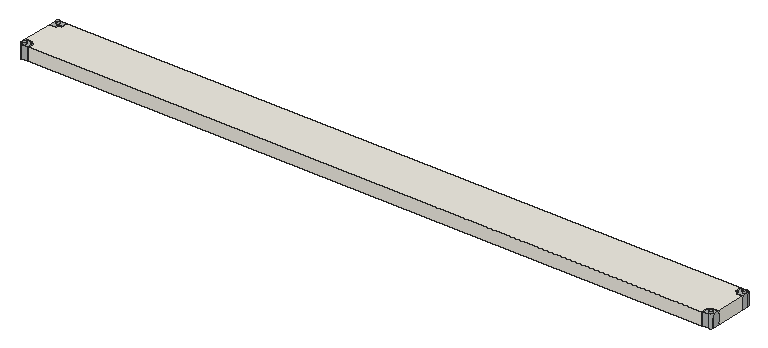
Revit family "HIGHTECH", category Осветительные приборы, Revit 2019 (continued)
Types (32, lengths in mm): name | Файл фотометрической сетки | built-in parameter 1150105 | Lumens | built-in parameter 1150106 | built-in parameter 1150142 | Wattage | Emit from Rectangle Width | Emit from Rectangle Length | Длина | Ширина | ADSK_Ток | ADSK_Полная мощность | ADSK_Обозначение | ADSK_Номинальная мощность | ADSK_Наименование | ADSK_Масса | ADSK_Код изделия
  Hightech-38/opal-sand 295х1195 (IP54, 4000К, белый) c БАП на 1 час | "Светильник HIGHTECH-38 OPAL-SAND-(295x1195).ies" | 302.39 (stored number, unit not read) | 3800 lm | 3.0239 (stored number, unit not read) | "IESNA:LM-63-1995\r\n[TEST] Протокол №334/16 от 03.11.2016г. Испытательная лаборатория Государственного предприятия \"ЦСОТ НАН Беларуси\"\r\n[MORE] FFFFFFFD255B12BA015C13F525FB5F2F2\r\n[DATA] 02.11.2016\r\n[MANUFAC] ЗАО \"Центрстройсвет\"\r\n[LUMCAT] Светильник HIGHTECH-38/OPAL-SAND-(295X1195)\r\n[LUMINAIRE] офисное освещение\r\n[LAMP] \r\nTILT=NONE\r\n1    -1.0   1.000 91 181 1 2   0.295   1.195   0.04\r\n1.0  1.0   37.90\r\n0.0 2.0 4.0 6.0 8.0 10.0 12.0 14.0 16.0 18.0 20.0 22.0 24.0 26.0 28.0 30.0 32.0 34.0 36.0 38.0 40.0 42.0 44.0 46.0 48.0 50.0 52.0 54.0 56.0 58.0 60.0 62.0 64.0 66.0 68.0 70.0 72.0 74.0 76.0 78.0 80.0 82.0 84.0 86.0 88.0 90.0 92.0 94.0 96.0 98.0 100.0 102.0 104.0 106.0 108.0 110.0 112.0 114.0 116.0 118.0 120.0 122.0 124.0 126.0 128.0 130.0 132.0 134.0 136.0 138.0 140.0 142.0 144.0 146.0 148.0 150.0 152.0 154.0 156.0 158.0 160.0 162.0 164.0 166.0 168.0 170.0 172.0 174.0 176.0 178.0 180.0 \r\n0.0 2.0 4.0 6.0 8.0 10.0 12.0 14.0 16.0 18.0 20.0 22.0 24.0 26.0 28.0 30.0 32.0 34.0 36.0 38.0 40.0 42.0 44.0 46.0 48.0 50.0 52.0 54.0 56.0 58.0 60.0 62.0 64.0 66.0 68.0 70.0 72.0 74.0 76.0 78.0 80.0 82.0 84.0 86.0 88.0 90.0 92.0 94.0 96.0 98.0 100.0 102.0 104.0 106.0 108.0 110.0 112.0 114.0 116.0 118.0 120.0 122.0 124.0 126.0 128.0 130.0 132.0 134.0 136.0 138.0 140.0 142.0 144.0 146.0 148.0 150.0 152.0 154.0 156.0 158.0 160.0 162.0 164.0 166.0 168.0 170.0 172.0 174.0 176.0 178.0 180.0 182.0 184.0 186.0 188.0 190.0 192.0 194.0 196.0 198.0 200.0 202.0 204.0 206.0 208.0 210.0 212.0 214.0 216.0 218.0 220.0 222.0 224.0 226.0 228.0 230.0 232.0 234.0 236.0 238.0 240.0 242.0 244.0 246.0 248.0 250.0 252.0 254.0 256.0 258.0 260.0 262.0 264.0 266.0 268.0 270.0 272.0 274.0 276.0 278.0 280.0 282.0 284.0 286.0 288.0 290.0 292.0 294.0 296.0 298.0 300.0 302.0 304.0 306.0 308.0 310.0 312.0 314.0 316.0 318.0 320.0 322.0 324.0 326.0 328.0 330.0 332.0 334.0 336.0 338.0 340.0 342.0 344.0 346.0 348.0 350.0 352.0 354.0 356.0 358.0 360.0 \r\n1417.637 1416.354 1411.816 1405.303 1395.733 1384.288 1370.276 1353.307 1334.658 1313.741 1290.456 1264.901 1237.669 1208.563 1177.582 1144.923 1111.476 1076.252 \r\n1039.646 1001.857 963.476 923.417 883.260 842.018 801.072 758.644 716.317 673.693 630.576 587.064 543.749 500.435 457.614 414.891 371.972 330.137 289.191 248.836 209.765 171.778 \r\n133.693 99.653 67.389 36.901 9.077 0.592 0.592 0.592 0.493 0.493 0.493 0.493 0.493 0.493 0.493 0.493 0.395 0.395 0.395 0.395 0.395 0.395 0.395 0.296 0.296 0.296 0.296 0.296 0.296 0.296 0.296 0.197 \r\n0.197 0.197 0.197 0.197 0.197 0.197 0.197 0.098 0.098 0.098 0.098 0.098 0.098 0.098 0.098 0.000 0.000 0.000 0.000 \r\n1417.637 1416.453 1411.914 1405.402 1395.930 1384.583 1370.671 1353.701 1335.053 1314.234 1290.850 1265.395 1238.261 1209.155 1178.075 1145.515 1112.067 1076.844 \r\n1040.239 1002.548 964.167 924.207 883.951 842.708 801.762 759.336 717.008 674.383 631.267 587.755 544.441 501.126 458.206 415.385 372.465 330.631 289.585 249.231 210.160 172.172 \r\n134.088 99.949 67.685 37.198 9.275 0.592 0.592 0.592 0.493 0.493 0.493 0.493 0.493 0.493 0.493 0.493 0.395 0.395 0.395 0.395 0.395 0.395 0.395 0.296 0.296 0.296 0.296 0.296 0.296 0.296 0.296 0.197 \r\n0.197 0.197 0.197 0.197 0.197 0.197 0.197 0.098 0.098 0.098 0.098 0.098 0.098 0.098 0.098 0.000 0.000 0.000 0.000 \r\n1417.637 1416.453 1412.013 1405.600 1396.226 1384.781 1370.968 1354.095 1335.448 1314.629 1291.344 1265.888 1238.754 1209.648 1178.667 1146.206 1112.758 1077.534 \r\n1040.929 1003.140 964.857 924.898 884.740 843.400 802.453 760.026 717.698 674.976 631.859 588.446 545.032 501.718 458.798 415.977 373.057 331.124 290.079 249.625 210.553 172.567 \r\n134.383 100.245 67.883 37.394 9.472 0.592 0.592 0.592 0.493 0.493 0.493 0.493 0.493 0.493 0.493 0.493 0.395 0.395 0.395 0.395 0.395 0.395 0.395 0.296 0.296 0.296 0.296 0.296 0.296 0.296 0.296 0.197 \r\n0.197 0.197 0.197 0.197 0.197 0.197 0.197 0.098 0.098 0.098 0.098 0.098 0.098 0.098 0.098 0.000 0.000 0.000 0.000 \r\n1417.637 1416.551 1412.111 1405.796 1396.423 1385.077 1371.264 1354.391 1335.842 1315.024 1291.837 1266.382 1239.248 1210.240 1179.259 1146.798 1113.350 1078.126 \r\n1041.620 1003.831 965.548 925.588 885.431 844.090 803.143 760.717 718.389 675.666 632.549 589.038 545.723 502.310 459.390 416.569 373.550 331.617 290.474 250.119 210.948 172.863 \r\n134.679 100.541 68.178 37.591 9.669 0.592 0.592 0.592 0.493 0.493 0.493 0.493 0.493 0.493 0.493 0.493 0.395 0.395 0.395 0.395 0.395 0.395 0.395 0.296 0.296 0.296 0.296 0.296 0.296 0.296 0.296 0.197 \r\n0.197 0.197 0.197 0.197 0.197 0.197 0.197 0.098 0.098 0.098 0.098 0.098 0.098 0.098 0.098 0.000 0.000 0.000 0.000 \r\n1417.637 1416.551 1412.309 1405.895 1396.621 1385.373 1371.559 1354.786 1336.237 1315.419 1292.232 1266.875 1239.742 1210.733 1179.851 1147.390 1113.942 1078.816 \r\n1042.310 1004.521 966.238 926.279 886.121 844.879 803.834 761.408 719.080 676.357 633.240 589.728 546.315 502.902 459.982 417.062 374.043 332.110 290.967 250.513 211.343 173.258 \r\n135.074 100.837 68.376 37.888 9.965 0.592 0.592 0.592 0.493 0.493 0.493 0.493 0.493 0.493 0.493 0.493 0.395 0.395 0.395 0.395 0.395 0.395 0.395 0.296 0.296 0.296 0.296 0.296 0.296 0.296 0.296 0.197 \r\n0.197 0.197 0.197 0.197 0.197 0.197 0.197 0.098 0.098 0.098 0.098 0.098 0.098 0.098 0.098 0.000 0.000 0.000 0.000 \r\n1417.637 1416.650 1412.407 1406.093 1396.917 1385.669 1371.954 1355.181 1336.632 1315.912 1292.725 1267.368 1240.334 1211.325 1180.443 1147.982 1114.633 1079.409 \r\n1042.903 1005.212 966.929 926.969 886.812 845.569 804.524 762.098 719.770 677.048 633.832 590.320 546.907 503.494 460.574 417.654 374.636 332.603 291.460 250.908 211.738 173.653 \r\n135.371 101.133 68.671 38.086 10.163 0.592 0.592 0.592 0.493 0.493 0.493 0.493 0.493 0.493 0.493 0.493 0.395 0.395 0.395 0.395 0.395 0.395 0.395 0.296 0.296 0.296 0.296 0.296 0.296 0.296 0.296 0.197 \r\n0.197 0.197 0.197 0.197 0.197 0.197 0.197 0.098 0.098 0.098 0.098 0.098 0.098 0.098 0.098 0.000 0.000 0.000 0.000 \r\n1417.637 1416.650 1412.506 1406.191 1397.114 1385.866 1372.250 1355.576 1337.027 1316.307 1293.218 1267.861 1240.827 1211.918 1181.035 1148.672 1115.225 1080.099 \r\n1043.593 1005.902 967.620 927.660 887.503 846.260 805.215 762.789 720.461 677.739 634.523 591.011 547.598 504.086 461.166 418.247 375.129 333.098 291.855 251.401 212.132 173.948 \r\n135.666 101.429 68.968 38.381 10.360 0.592 0.592 0.592 0.493 0.493 0.493 0.493 0.493 0.493 0.493 0.493 0.395 0.395 0.395 0.395 0.395 0.395 0.395 0.296 0.296 0.296 0.296 0.296 0.296 0.296 0.296 0.197 \r\n0.197 0.197 0.197 0.197 0.197 0.197 0.197 0.098 0.098 0.098 0.098 0.098 0.098 0.098 0.098 0.000 0.000 0.000 0.000 \r\n1417.637 1416.650 1412.604 1406.389 1397.311 1386.162 1372.546 1355.871 1337.421 1316.701 1293.613 1268.355 1241.320 1212.411 1181.627 1149.265 1115.816 1080.691 \r\n1044.284 1006.593 968.212 928.351 888.194 846.951 805.906 763.479 721.151 678.429 635.213 591.702 548.190 504.777 461.758 418.740 375.721 333.591 292.348 251.796 212.527 174.343 \r\n135.962 101.627 69.165 38.579 10.557 0.592 0.592 0.592 0.493 0.493 0.493 0.493 0.493 0.493 0.493 0.395 0.395 0.395 0.395 0.395 0.395 0.395 0.395 0.296 0.296 0.296 0.296 0.296 0.296 0.296 0.296 0.197 \r\n0.197 0.197 0.197 0.197 0.197 0.197 0.197 0.098 0.098 0.098 0.098 0.098 0.098 0.098 0.098 0.000 0.000 0.000 0.000 \r\n1417.637 1416.749 1412.704 1406.586 1397.607 1386.458 1372.941 1356.266 1337.815 1317.095 1294.106 1268.848 1241.813 1213.003 1182.219 1149.856 1116.409 1081.382 \r\n1044.876 1007.283 968.902 929.042 888.885 847.642 806.597 764.170 721.843 679.120 635.806 592.293 548.881 505.368 462.351 419.332 376.214 334.084 292.841 252.191 212.922 174.738 \r\n136.357 101.922 69.461 38.776 10.853 0.592 0.592 0.592 0.493 0.493 0.493 0.493 0.493 0.493 0.493 0.395 0.395 0.395 0.395 0.395 0.395 0.395 0.395 0.296 0.296 0.296 0.296 0.296 0.296 0.296 0.296 0.197 \r\n0.197 0.197 0.197 0.197 0.197 0.197 0.197 0.098 0.098 0.098 0.098 0.098 0.098 0.098 0.098 0.000 0.000 0.000 0.000 \r\n1417.637 1416.749 1412.802 1406.684 1397.805 1386.754 1373.237 1356.661 1338.210 1317.589 1294.599 1269.341 1242.406 1213.496 1182.811 1150.448 1117.099 1081.974 \r\n1045.566 1007.974 969.593 929.732 889.575 848.333 807.287 764.861 722.533 679.712 636.496 592.985 549.472 505.960 462.942 419.825 376.707 334.577 293.236 252.684 213.317 175.034 \r\n136.652 102.218 69.659 39.072 11.051 0.592 0.592 0.592 0.493 0.493 0.493 0.493 0.493 0.493 0.493 0.395 0.395 0.395 0.395 0.395 0.395 0.395 0.395 0.296 0.296 0.296 0.296 0.296 0.296 0.296 0.296 0.197 \r\n0.197 0.197 0.197 0.197 0.197 0.197 0.197 0.098 0.098 0.098 0.098 0.098 0.098 0.098 0.098 0.000 0.000 0.000 0.000 \r\n1417.637 1416.848 1412.901 1406.882 1398.002 1387.051 1373.533 1356.957 1338.605 1317.983 1294.994 1269.834 1242.899 1214.089 1183.403 1151.041 1117.692 1082.665 \r\n1046.257 1008.566 970.284 930.423 890.266 849.121 807.978 765.552 723.224 680.403 637.187 593.675 550.163 506.553 463.534 420.416 377.300 335.071 293.729 253.079 213.712 175.429 \r\n136.949 102.515 69.954 39.269 11.248 0.592 0.592 0.592 0.493 0.493 0.493 0.493 0.493 0.493 0.493 0.395 0.395 0.395 0.395 0.395 0.395 0.395 0.395 0.296 0.296 0.296 0.296 0.296 0.296 0.296 0.296 0.197 \r\n0.197 0.197 0.197 0.197 0.197 0.197 0.197 0.098 0.098 0.098 0.098 0.098 0.098 0.098 0.098 0.000 0.000 0.000 0.000 \r\n1417.637 1416.848 1412.999 1407.079 1398.298 1387.247 1373.829 1357.352 1339.000 1318.378 1295.488 1270.327 1243.392 1214.680 1183.995 1151.731 1118.283 1083.257 \r\n1046.849 1009.257 970.975 931.113 891.055 849.813 808.668 766.242 723.914 681.093 637.779 594.266 550.755 507.145 464.126 421.009 377.793 335.564 294.222 253.474 214.105 175.823 \r\n137.343 102.810 70.250 39.467 11.445 0.592 0.592 0.592 0.493 0.493 0.493 0.493 0.493 0.493 0.493 0.395 0.395 0.395 0.395 0.395 0.395 0.395 0.395 0.296 0.296 0.296 0.296 0.296 0.296 0.296 0.296 0.197 \r\n0.197 0.197 0.197 0.197 0.197 0.197 0.197 0.098 0.098 0.098 0.098 0.098 0.098 0.098 0.098 0.000 0.000 0.000 0.000 \r\n1417.637 1416.946 1413.098 1407.178 1398.495 1387.544 1374.223 1357.747 1339.395 1318.773 1295.882 1270.822 1243.886 1215.174 1184.587 1152.323 1118.974 1083.848 \r\n1047.540 1009.947 971.665 931.903 891.746 850.503 809.359 766.933 724.507 681.784 638.470 594.958 551.445 507.836 464.718 421.502 378.287 336.057 294.617 253.967 214.500 176.119 \r\n137.640 103.106 70.447 39.762 11.741 0.592 0.592 0.592 0.493 0.493 0.493 0.493 0.493 0.493 0.493 0.395 0.395 0.395 0.395 0.395 0.395 0.395 0.395 0.296 0.296 0.296 0.296 0.296 0.296 0.296 0.296 0.197 \r\n0.197 0.197 0.197 0.197 0.197 0.197 0.197 0.098 0.098 0.098 0.098 0.098 0.098 0.098 0.098 0.000 0.000 0.000 0.000 \r\n1417.637 1416.946 1413.197 1407.376 1398.693 1387.839 1374.520 1358.042 1339.789 1319.168 1296.376 1271.315 1244.477 1215.765 1185.179 1152.915 1119.566 1084.539 \r\n1048.230 1010.638 972.356 932.594 892.436 851.194 810.050 767.623 725.197 682.474 639.160 595.649 552.038 508.427 465.310 422.094 378.878 336.550 295.111 254.362 214.895 176.514 \r\n137.935 103.403 70.744 39.960 11.939 0.592 0.592 0.592 0.493 0.493 0.493 0.493 0.493 0.493 0.493 0.395 0.395 0.395 0.395 0.395 0.395 0.395 0.395 0.296 0.296 0.296 0.296 0.296 0.296 0.296 0.296 0.197 \r\n0.197 0.197 0.197 0.197 0.197 0.197 0.197 0.098 0.098 0.098 0.098 0.098 0.098 0.098 0.098 0.000 0.000 0.000 0.000 \r\n1417.637 1417.044 1413.295 1407.474 1398.890 1388.135 1374.815 1358.437 1340.184 1319.661 1296.869 1271.808 1244.971 1216.258 1185.673 1153.507 1120.158 1085.131 \r\n1048.823 1011.329 973.046 933.284 893.127 851.884 810.741 768.314 725.888 683.165 639.752 596.240 552.728 509.019 465.902 422.686 379.371 337.044 295.505 254.757 215.388 176.909 \r\n138.232 103.698 70.942 40.157 12.136 0.592 0.592 0.592 0.493 0.493 0.493 0.493 0.493 0.493 0.493 0.395 0.395 0.395 0.395 0.395 0.395 0.395 0.395 0.296 0.296 0.296 0.296 0.296 0.296 0.296 0.296 0.197 \r\n0.197 0.197 0.197 0.197 0.197 0.197 0.197 0.098 0.098 0.098 0.098 0.098 0.098 0.098 0.098 0.000 0.000 0.000 0.000 \r\n1417.637 1417.044 1413.394 1407.671 1399.187 1388.333 1375.111 1358.832 1340.578 1320.056 1297.264 1272.301 1245.464 1216.851 1186.264 1154.099 1120.849 1085.822 \r\n1049.513 1012.020 973.737 933.975 893.818 852.575 811.432 769.004 726.578 683.855 640.443 596.930 553.321 509.611 466.494 423.180 379.964 337.537 295.999 255.250 215.783 177.304 \r\n138.626 103.994 71.237 40.453 12.333 0.592 0.592 0.592 0.493 0.493 0.493 0.493 0.493 0.493 0.493 0.395 0.395 0.395 0.395 0.395 0.395 0.395 0.395 0.296 0.296 0.296 0.296 0.296 0.296 0.296 0.296 0.197 \r\n0.197 0.197 0.197 0.197 0.197 0.197 0.197 0.098 0.098 0.098 0.098 0.098 0.098 0.098 0.098 0.000 0.000 0.000 0.000 \r\n1417.637 1417.143 1413.492 1407.869 1399.383 1388.629 1375.506 1359.226 1340.973 1320.451 1297.757 1272.795 1246.056 1217.443 1186.856 1154.790 1121.441 1086.414 \r\n1050.204 1012.711 974.428 934.665 894.508 853.365 812.122 769.695 727.269 684.448 641.134 597.523 554.011 510.203 467.086 423.772 380.457 338.031 296.492 255.645 216.178 177.599 \r\n138.922 104.291 71.533 40.650 12.629 0.592 0.592 0.592 0.493 0.493 0.493 0.493 0.493 0.493 0.493 0.395 0.395 0.395 0.395 0.395 0.395 0.395 0.395 0.296 0.296 0.296 0.296 0.296 0.296 0.296 0.296 0.197 \r\n0.197 0.197 0.197 0.197 0.197 0.197 0.197 0.098 0.098 0.098 0.098 0.098 0.098 0.098 0.098 0.000 0.000 0.000 0.000 \r\n1417.637 1417.143 1413.592 1407.967 1399.580 1388.925 1375.803 1359.523 1341.367 1320.845 1298.250 1273.288 1246.550 1217.936 1187.448 1155.382 1122.032 1087.105 \r\n1050.894 1013.401 975.119 935.356 895.199 854.055 812.813 770.386 727.959 685.138 641.725 598.213 554.603 510.795 467.678 424.265 380.951 338.524 296.887 256.038 216.573 177.994 \r\n139.218 104.586 71.730 40.848 12.826 0.592 0.592 0.493 0.493 0.493 0.493 0.493 0.493 0.493 0.493 0.395 0.395 0.395 0.395 0.395 0.395 0.395 0.395 0.296 0.296 0.296 0.296 0.296 0.296 0.296 0.296 0.197 \r\n0.197 0.197 0.197 0.197 0.197 0.197 0.197 0.098 0.098 0.098 0.098 0.098 0.098 0.098 0.098 0.000 0.000 0.000 0.000 \r\n1417.637 1417.242 1413.690 1408.165 1399.877 1389.220 1376.098 1359.917 1341.762 1321.339 1298.645 1273.781 1247.043 1218.528 1188.041 1155.974 1122.723 1087.697 \r\n1051.487 1013.993 975.810 936.046 895.889 854.746 813.503 771.077 728.650 685.829 642.416 598.904 555.294 511.486 468.270 424.857 381.542 339.018 297.380 256.533 216.967 178.389 \r\n139.613 104.882 72.026 41.143 13.024 0.592 0.592 0.493 0.493 0.493 0.493 0.493 0.493 0.493 0.493 0.395 0.395 0.395 0.395 0.395 0.395 0.395 0.395 0.296 0.296 0.296 0.296 0.296 0.296 0.296 0.296 0.197 \r\n0.197 0.197 0.197 0.197 0.197 0.197 0.197 0.098 0.098 0.098 0.098 0.098 0.098 0.098 0.098 0.000 0.000 0.000 0.000 \r\n1417.637 1417.242 1413.789 1408.362 1400.075 1389.517 1376.394 1360.311 1342.157 1321.733 1299.138 1274.274 1247.536 1219.022 1188.632 1156.566 1123.315 1088.388 \r\n1052.177 1014.684 976.500 936.738 896.581 855.436 814.194 771.768 729.341 686.519 643.107 599.496 555.885 512.078 468.862 425.449 382.035 339.511 297.873 256.926 217.362 178.685 \r\n139.909 105.079 72.223 41.341 13.221 0.592 0.592 0.493 0.493 0.493 0.493 0.493 0.493 0.493 0.493 0.395 0.395 0.395 0.395 0.395 0.395 0.395 0.395 0.296 0.296 0.296 0.296 0.296 0.296 0.296 0.296 0.197 \r\n0.197 0.197 0.197 0.197 0.197 0.197 0.197 0.098 0.098 0.098 0.098 0.098 0.098 0.098 0.098 0.000 0.000 0.000 0.000 \r\n1417.637 1417.341 1413.986 1408.461 1400.271 1389.715 1376.789 1360.608 1342.552 1322.128 1299.632 1274.768 1248.128 1219.614 1189.224 1157.256 1123.907 1088.980 \r\n1052.868 1015.374 977.191 937.428 897.369 856.127 814.884 772.458 730.032 687.211 643.698 600.187 556.577 512.670 469.454 425.942 382.529 340.004 298.268 257.321 217.756 179.080 \r\n140.204 105.376 72.520 41.538 13.517 0.592 0.592 0.493 0.493 0.493 0.493 0.493 0.493 0
